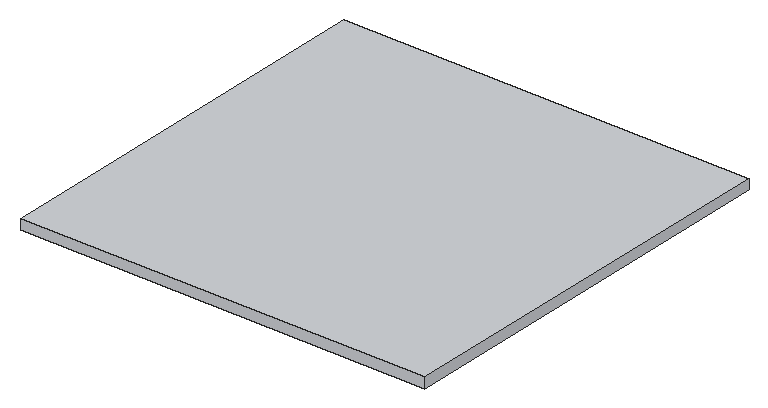
Revit family "4967400", category Aparatos sanitarios, Revit 2017
Family settings
  Anfitrión = Cara
  Cota de conector redondo = Diámetro de uso
  Tipo de pieza = Normal
  Número OmniClass = 23.45.55.14
  Título OmniClass = Single Faucets
  Corte con vacíos al cargar = No
  Compartido = No
  Punto de cálculo de habitación = No
Parameters (values of type "4967400")
  URL = "http://www.griferiasgalindo.com"
  Teléfono = "(+34) 915 782 575"
  TIPO DE AGUA = "Fria/Caliente"
  REFERENCIA = "4967400"
  Presión Máxima = "8 bar"
  PESO BRUTO = ""
  Modelo = "MECANISMO BAÑO-DUCHA EMPOTRABLE"
  Material = LATON CROMADO
  Imagen de tipo = <Ninguno>
  Fabricante = "PRESTO IBÉRICA"
  Default Elevation = 1219.2 mm
  ENTRADA = "Hembra 1/2\""
  Descripción = "Mecanismo baño-ducha empotrable"
  Código de montaje = "C1030220"
  Contacto = "info@prestoiberica.com"
  Conexión AF = yes
  Conexión AC = yes
  Comentarios de tipo = "Cartucho sellado mezclador con discos cerámicos de Ø 35 mm.  Entradas y salidas hembra de 1/2\"."
  CIERRE = "Manual"
  CAUDAL = ""
  Accionamiento = "Mediante maneta"
Reference planes
  plane 1 "Centro (Frontal/Posterior)": y = 0
  plane 2: z = 0
  plane 3 "Centro (Izquierda/Derecha)": x = 0
Forms (mm)
  Extrusion 1, solid
    sketch origin (0, 0, 0) x (1, 0, 0) y (0, 1, 0)
      loop
        line (-100, 100) -> (-100, -100) -> (100, -100) -> (100, 100) -> (-100, 100)
    from 0 to -5
Dimensions and locks
  Extrusion 1 sketch curve to plane 1 "Centro (Frontal/Posterior)" = 100 mm
  aligned and locked: plane 2 to Extrusion 1
  aligned and locked: level to Extrusion 1
Connectors
  piping at (0, -26, 2), diameter 12.7
    settings: on import instance, index 1, connector inside diameter 609.6 mm, connector length 0 mm, flow factor 0, pipe flow 0.0 L/s, pressure drop 0.0 Pa, fitting loss kfactor 0, connector angle 0.00°, fixture units 0, engagement length 0 mm, angle of deflection 0.00°, flow configuration 0, flow direction 1, fitting loss method 0, system type 7, joint type 0, gender type 0, connector reference index -1, connector utility 0, adjustable connector no, is connector primary yes, connector description ""
